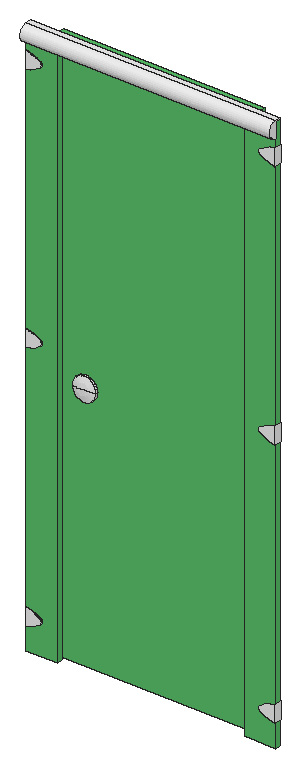
Revit family "NBS_ConceptCubicleSystems_PnlCbclSym_FastTrack", category Specialty Equipment, Revit 2019
Family settings
  Round Connector Dimension = Use Diameter
  Part Type = Normal
  Work Plane-Based = No
  Always vertical = Yes
  Cut with Voids When Loaded = No
  Shared = No
  Room Calculation Point = No
Parameters (values of type "WallToWallSingleCubicle")
  WarrantyStartDate [instance] = "1900-12-31T23:59:59"
  WarrantyGuarantorParts = "n/a"
  WarrantyGuarantorLabor = "n/a"
  WarrantyDurationUnit = "year"
  WarrantyDurationParts = "n/a"
  WarrantyDurationLabor = "n/a"
  WarrantyDescription = "n/a"
  Version = "3"  # constant formula
  Uniclass2015Version = "Systems v1.17"
  Uniclass2015Title = "Panel cubicle systems"
  Uniclass2015Code = "Ss_25_12_60_60"
  TagNumber [instance] = "n/a"
  SystemManufacturer = "Concept Cubicle Systems"
  SustainabilityPerformance = "n/a"
  SupportHeight [instance] = if(PartitionUndercut < 2 mm, 2 mm, PartitionUndercut)  # 150 mm
  Style = "Cubicle"
  Status = "UNSET"
  Size = "1500 x 1950 mm"
  ShowCubicleLocationLines [instance] = yes
  Shape = "n/a"
  SerialNumber [instance] = "n/a"
  RightOpenOut [instance] = and(OpenOut, ReversedDoorSwing)  # no
  RightOpenIn [instance] = and(OpenIn, ReversedDoorSwing)  # yes
  Revision = "n/a"
  ReverseDoorSwing [instance] = no
  ReplacementCost = "n/a"
  Reference = "n/a"
  RailOffsetRight [instance] = if(or(IsWallEndFirstCubicle, IsWallEndEndCubicle, IsWallToWallSingleCubicle, IsFirstCubicle, IsMiddleCubicle), PanelThickness / 2, 0 mm)  # 9 mm
  RailOffsetLeft [instance] = if(or(IsEndCubicle, IsWallEndFirstCubicle, IsWallEndEndCubicle, IsWallEndSingleCubicle, IsWallToWallSingleCubicle, IsMiddleCubicle), PanelThickness / 2, 0 mm)  # 9 mm
  ProductInformation = "https://www.conceptcubiclesystems.co.uk/toilet-cubicles.html"
  PilasterWidthLatchSide [instance] = CubicleWidth - ClearOpeningWidth - PilasterWidthHingeSide  # 100 mm
  PilasterRightWidth [instance] = if(HasDoorCentrePosition, (CubicleWidth - ClearOpeningWidth) / 2, if(ReversedDoorSwing, PilasterWidthHingeSide, PilasterWidthLatchSide))  # 100 mm
  PilasterPanelReturnRight = if(HasPilasterPanelReturnRight, PanelThickness / 2, 0 mm)  # 0 mm
  PilasterPanelReturnLeft = if(HasPilasterPanelReturnLeft, PanelThickness / 2, 0 mm)  # 0 mm
  PilasterMaterial = NBS_ConceptCubicleSystems_V110_VertImperial-Green
  PilasterLeftWidth [instance] = if(HasDoorCentrePosition, (CubicleWidth - ClearOpeningWidth) / 2, if(ReverseDoorSwing, PilasterWidthHingeSide, PilasterWidthLatchSide))  # 100 mm
  PartitionMaterial = NBS_ConceptCubicleSystems_V110_VertImperial-Green
  PartitionUndercut [instance] = 150 mm
  Panels = "18 mm melamine faced chipboard"
  PanelThickness = 18 mm  # constant formula
  PilasterUndercut [instance] = 150 mm
  PanelSupports = "150 mm"
  OpenOut [instance] = not(OpenIn)  # no
  OpenIn [instance] = yes
  NominalWidth [instance] = CubicleWidth  # 800 mm
  NominalLength [instance] = CubicleWidth  # 800 mm
  NominalHeight [instance] = CubicleHeight  # 1950 mm
  NominalDepth [instance] = CubicleDepth  # 1500 mm
  Name = "PanelCubicleSystem_FastTrack_WallToWallSingleCubicle_ConceptCubicleSystems"
  NBSReference = "25-05-60/160"
  NBSDescription = "Panel cubicle system"
  NBSCertification = "www.nationalbimlibrary.com/cert/aduvk2um"
  ModelReference = "Fast Track Cubicles"
  ModelNumber = "n/a"
  Material = "Melamine Faced Chipboard"
  ManufacturerURL = "www.conceptcubiclesystems.co.uk"
  ManufacturerName = "Concept Cubicle Systems"  # constant formula
  Manufacturer = "sales@conceptcubiclesystems.co.uk"
  MainColor = "n/a"
  LeftOpenOut [instance] = and(OpenOut, ReverseDoorSwing)  # no
  LeftOpenIn [instance] = and(OpenIn, ReverseDoorSwing)  # no
  ReversedDoorSwing [instance] = not(ReverseDoorSwing)  # yes
  IsWallEndSingleCubicle = no
  IsWallEndFirstCubicle = no
  IsWallEndEndCubicle = no
  IsSingleCubicle = no
  IsWallToWallSingleCubicle = yes
  PilasterWidthHingeSide [instance] = 100 mm
  IsMiddleCubicle = no
  IsFirstCubicle = no
  IsEndCubicle = no
  IsBuiltIn = yes
  InstallationDate [instance] = "1900-12-31T23:59:59"
  IfcExportType = "USERDEFINED"  # constant formula
  IfcExportAs = "IfcFurnitureType"  # constant formula
  HasPilasterPanelReturnRight = or(IsSingleCubicle, IsEndCubicle, IsWallEndSingleCubicle)  # no
  HasPilasterPanelReturnLeft = or(IsSingleCubicle, IsFirstCubicle)  # no
  HasPartitionRight = not(or(IsWallToWallSingleCubicle, IsWallEndEndCubicle))  # no
  HasPartitionLeft = or(IsSingleCubicle, IsFirstCubicle)  # no
  HasFittingsRight = or(IsWallToWallSingleCubicle, IsWallEndEndCubicle)  # yes
  HasFittingsLeft = or(IsWallToWallSingleCubicle, IsWallEndSingleCubicle, IsWallEndFirstCubicle)  # yes
  HasDoorCentrePosition [instance] = yes
  Grade = "n/a"
  Fittings = "Satin anodised aluminium"
  FittingOffset [instance] = if(PartitionUndercut > PilasterUndercut, PartitionUndercut + 100 mm, PilasterUndercut + 100 mm)  # 250 mm
  FittingMaterial = NBS_ConceptCubicleSystems_SatinAnodisedAluminium
  Finish = "n/a"
  Features = "n/a"
  ExpectedLife = "n/a"
  DurationUnit = "year"
  DoorSwingCalc [instance] = if(OpenOut, (PanelThickness / 2) + ClearOpeningWidth + 76 mm, 0 mm)  # 0 mm
  DoorSwing [instance] = if(OpenIn, (PanelThickness / 2) + ClearOpeningWidth + 76 mm, 0 mm)  # 685 mm
  DoorLeafMaterial = NBS_ConceptCubicleSystems_V110_VertImperial-Green
  DoorLeafHeight [instance] = if(OpenIn, CubicleHeight - DoorLeafUndercut - 5 mm, CubicleHeight - DoorLeafUndercut - 55 mm)  # 1795 mm
  DoorLeafUndercut [instance] = 150 mm
  Description = "Fast track cubicles, ideal for low use dry areas"
  CubicleWidth [instance] = 800 mm
  CubicleHeight [instance] = 1950 mm
  CubicleDepth [instance] = 1500 mm
  Constituents = "n/a"
  Color = "White, light grey, cream, oak, red, yellow, blue or a mixture of two"
  CodePerformance = "n/a"
  ClearOpeningWidth [instance] = 600 mm
  ClearOpeningHeight [instance] = CubicleHeight - 50 mm  # 1900 mm
  Category = "Ss_25_12_60_60:Panel cubicle systems"
  BarCode [instance] = "n/a"
  BIMObjectName = "NBS_ConceptCubicleSystems_PanelCubicleSystem_FastTrack_WallToWallSingleCubicle"
  Author = "NBS"  # constant formula
  AssetType = "Fixed"
  AssetIdentifier [instance] = "n/a"
  AccessibilityPerformance = "n/a"
Types (9, lengths in mm): name | ShowCubicleLocationLines | RailOffsetRight | RailOffsetLeft | PilasterPanelReturnRight | PilasterPanelReturnLeft | Name | IsWallEndSingleCubicle | IsWallEndFirstCubicle | IsWallEndEndCubicle | IsSingleCubicle | IsWallToWallSingleCubicle | IsMiddleCubicle | IsFirstCubicle | IsEndCubicle | HasPilasterPanelReturnRight | HasPilasterPanelReturnLeft | HasPartitionRight | HasPartitionLeft | HasFittingsRight | HasFittingsLeft | BIMObjectName
  (no name) | no | 0 | 0 | 9 | 9 | "PanelCubicleSystem_FastTrack_SingleCubicle_ConceptCubicleSystems" | no | no | no | yes | no | no | no | no | yes | yes | yes | yes | no | no | "NBS_ConceptCubicleSystems_PanelCubicleSystem_FastTrack_SingleCubicle"
  SingleCubicle | no | 0 | 0 | 9 | 9 | "PanelCubicleSystem_FastTrack_SingleCubicle_ConceptCubicleSystems" | no | no | no | yes | no | no | no | no | yes | yes | yes | yes | no | no | "NBS_ConceptCubicleSystems_PanelCubicleSystem_FastTrack_SingleCubicle"
  WallToWallSingleCubicle | yes | 9 | 9 | 0 | 0 | "PanelCubicleSystem_FastTrack_WallToWallSingleCubicle_ConceptCubicleSystems" | no | no | no | no | yes | no | no | no | no | no | no | no | yes | yes | "NBS_ConceptCubicleSystems_PanelCubicleSystem_FastTrack_WallToWallSingleCubicle"
  EndCubicle | yes | 0 | 9 | 9 | 0 | "PanelCubicleSystem_FastTrack_EndCubicle_ConceptCubicleSystems" | no | no | no | no | no | no | no | yes | yes | no | yes | no | no | no | "NBS_ConceptCubicleSystems_PanelCubicleSystem_FastTrack_EndCubicle"
  FirstCubicle | yes | 9 | 0 | 0 | 9 | "PanelCubicleSystem_FastTrack_FirstCubicle_ConceptCubicleSystems" | no | no | no | no | no | no | yes | no | no | yes | yes | yes | no | no | "NBS_ConceptCubicleSystems_PanelCubicleSystem_FastTrack_FirstCubicle"
  WallEndFirstCubicle | yes | 9 | 9 | 0 | 0 | "PanelCubicleSystem_FastTrack_WallEndFirstCubicle_ConceptCubicleSystems" | no | yes | no | no | no | no | no | no | no | no | yes | no | no | yes | "NBS_ConceptCubicleSystems_PanelCubicleSystem_FastTrack_WallEndFirstCubicle"
  WallEndSingleCubicle | yes | 0 | 9 | 9 | 0 | "PanelCubicleSystem_FastTrack_WallEndSingleCubicle_ConceptCubicleSystems" | yes | no | no | no | no | no | no | no | yes | no | yes | no | no | yes | "NBS_ConceptCubicleSystems_PanelCubicleSystem_FastTrack_WallEndSingleCubicle"
  MiddleCubicle | yes | 9 | 9 | 0 | 0 | "PanelCubicleSystem_FastTrack_MiddleCubicle_ConceptCubicleSystems" | no | no | no | no | no | yes | no | no | no | no | yes | no | no | no | "NBS_ConceptCubicleSystems_PanelCubicleSystem_FastTrack_MiddleCubicle"
  WallEndEndCubicle | yes | 9 | 9 | 0 | 0 | "PanelCubicleSystem_FastTrack_WallEndEndCubicle_ConceptCubicleSystems" | no | no | yes | no | no | no | no | no | no | no | no | no | yes | no | "NBS_ConceptCubicleSystems_PanelCubicleSystem_FastTrack_WallEndEndCubicle"
Reference planes
  plane 1 "Back": y = 0
  plane 2: z = 0
  plane 3 "Center (Left/Right)": x = 0
  plane 4 "Front": y = -1518
  plane 5 "PilasterBack": y = -1500
  plane 6 "CubicleLeft": x = -400
  plane 7 "CubicleRight": x = 400
  plane 8 "LeftPartitionExternal": x = -409
  plane 9 "LeftPartitionInternal": x = -391
  plane 10 "RightPartitionExternal": x = 409
  plane 11 "RightPartitionInternal": x = 391
  plane 12 "ClearOpeningLeft": x = -300
  plane 13 "ClearOpeningRight": x = 300
  plane 14 "PilasterLeft": x = -400
  plane 15 "PilasterRight": x = 400
  plane 16 "DoorSwing": y = -824
  plane 17 "DoorSwingCalc": y = -1509
  plane 18 "PilasterCentre": y = -1509
  plane 19 "Top": z = 1950
  plane 20: z = 1850
  plane 21 "PartitionFitting": z = 250
  plane 22: z = 1050
  plane 23 "PartitionElevation": z = 150
  plane 24 "Leg": y = -1423
  plane 25 "Support": z = 175
  plane 26 "Left": x = -400
  plane 27 "Right": x = 400
  plane 28 "PilasterElevation": z = 150
  plane 29 "PilasterFitting": z = 250
  plane 30 "Fitting": z = 250
Forms (mm)
  Extrusion 1, solid, material "NBS_ConceptCubicleSystems_V110_VertImperial-Green" <- "PartitionMaterial", visible <- "HasPartitionLeft", detail levels medium+fine
    sketch origin (0, 0, 0) x (1, 0, 0) y (0, 1, 0)
      loop
        line (-409, 0) -> (-409, -1500) -> (-391, -1500) -> (-391, 0) -> (-409, 0)
    from 150 to 1950
  Extrusion 2, solid, material "NBS_ConceptCubicleSystems_V110_VertImperial-Green" <- "PartitionMaterial", visible <- "HasPartitionRight", detail levels medium+fine
    sketch origin (0, 0, 0) x (1, 0, 0) y (0, 1, 0)
      loop
        line (391, 0) -> (391, -1500) -> (409, -1500) -> (409, 0) -> (391, 0)
    from 150 to 1950
  Extrusion 3, solid, material "NBS_ConceptCubicleSystems_V110_VertImperial-Green" <- "PilasterMaterial", detail levels medium+fine
    sketch origin (0, 0, 0) x (1, 0, 0) y (0, 1, 0)
      loop
        line (-400, -1500) -> (-400, -1518) -> (-300, -1518) -> (-300, -1500) -> (-400, -1500)
    from 150 to 1950
  Extrusion 4, solid, material "NBS_ConceptCubicleSystems_V110_VertImperial-Green" <- "PilasterMaterial", detail levels medium+fine
    sketch origin (0, 0, 0) x (1, 0, 0) y (0, 1, 0)
      loop
        line (300, -1500) -> (300, -1518) -> (400, -1518) -> (400, -1500) -> (300, -1500)
    from 150 to 1950
  Revolve 5, solid, material "NBS_ConceptCubicleSystems_SatinAnodisedAluminium" <- "FittingMaterial", visible <- "HasPartitionLeft", detail levels fine
    sketch origin (0, -1423, 0) x (-1, 0, 0) y (0, 0, 1)
      loop
        line (400, 0) -> (430, 0) -> (430, 87.5) -> (422, 87.5) -> (422, 175)
        arc (422, 175) -> (415.556, 190.556) -> (400, 197) r 22
        line (400, 197) -> (400, 0)
      axis (400, 197) -> (400, 0)
    angle from 0 to 360
  Revolve 6, solid, material "NBS_ConceptCubicleSystems_SatinAnodisedAluminium" <- "FittingMaterial", visible <- "HasPartitionRight", detail levels fine
    sketch origin (0, -1423, 0) x (-1, 0, 0) y (0, 0, 1)
      loop
        line (-400, 0) -> (-370, 0) -> (-370, 87.5) -> (-378, 87.5) -> (-378, 175)
        arc (-378, 175) -> (-384.444, 190.556) -> (-400, 197) r 22
        line (-400, 197) -> (-400, 0)
      axis (-400, 197) -> (-400, 0)
    angle from 0 to 360
  Extrusion 7, solid, material "NBS_ConceptCubicleSystems_SatinAnodisedAluminium" <- "FittingMaterial", visible <- "HasPartitionLeft", detail levels coarse+medium
    sketch origin (0, 0, 0) x (1, 0, 0) y (0, 1, 0)
      loop
        circle (-400, -1423) r 22
    from 0 to 150 <- "SupportHeight"
  Extrusion 8, solid, material "NBS_ConceptCubicleSystems_SatinAnodisedAluminium" <- "FittingMaterial", visible <- "HasPartitionRight", detail levels coarse+medium
    sketch origin (0, 0, 0) x (1, 0, 0) y (0, 1, 0)
      loop
        circle (400, -1423) r 22
    from 0 to 150 <- "SupportHeight"
  Extrusion 9, solid, material "NBS_ConceptCubicleSystems_V110_VertImperial-Green" <- "PartitionMaterial", visible <- "HasPartitionLeft", detail levels coarse
    sketch origin (0, 0, 0) x (1, 0, 0) y (0, 1, 0)
      loop
        line (-409, 0) -> (-409, -1500) -> (-391, -1500) -> (-391, 0) -> (-409, 0)
    from 150 to 1950
  Extrusion 10, solid, material "NBS_ConceptCubicleSystems_V110_VertImperial-Green" <- "PartitionMaterial", visible <- "HasPartitionRight", detail levels coarse
    sketch origin (0, 0, 0) x (1, 0, 0) y (0, 1, 0)
      loop
        line (391, 0) -> (391, -1500) -> (409, -1500) -> (409, 0) -> (391, 0)
    from 150 to 1950
  Extrusion 11, solid, material "NBS_ConceptCubicleSystems_V110_VertImperial-Green" <- "PilasterMaterial", detail levels coarse
    sketch origin (0, 0, 0) x (1, 0, 0) y (0, 1, 0)
      loop
        line (-400, -1500) -> (-400, -1518) -> (-300, -1518) -> (-300, -1500) -> (-400, -1500)
    from 150 to 1950
  Extrusion 12, solid, material "NBS_ConceptCubicleSystems_V110_VertImperial-Green" <- "PilasterMaterial", detail levels coarse
    sketch origin (0, 0, 0) x (1, 0, 0) y (0, 1, 0)
      loop
        line (300, -1500) -> (300, -1518) -> (400, -1518) -> (400, -1500) -> (300, -1500)
    from 150 to 1950
  Sweep 13, solid, material "NBS_ConceptCubicleSystems_SatinAnodisedAluminium" <- "FittingMaterial", detail levels medium+fine
    path origin (0, 0, 1950) x (0, 1, 0) y (-1, 0, 0)
      loop
        line (-1518, 400) -> (-1518, -400)
    profile origin (0, -1518, 1950) x (0, 1, 0) y (0, 0, 1)
      loop
        arc (0, 3) -> (-25, -22) -> (0, -47) r 25
        line (0, -47) -> (0, 0) -> (19, 0) -> (19, 3) -> (0, 3)
Lines and regions (mm)
  symbolic lines, visible <- "HasPartitionLeft", detail levels coarse
    curve 1: line (-400, 0, 0) -> (-400, -1500, 0)
  symbolic lines, detail levels coarse
    curve 2: line (-300, -1500, 0) -> (-400, -1500, 0)
    curve 3: line (300, -1500, 0) -> (400, -1500, 0)
  symbolic lines, visible <- "HasPartitionRight", detail levels coarse
    curve 4: line (400, -1500, 0) -> (400, 0, 0)
  symbolic lines, style "SpecialityEquipmentHiddenLines", visible <- "ShowCubicleLocationLines"
    curve 5: line (400, -1500, 0) -> (400, 0, 0)
    curve 6: line (-400, 0, 0) -> (-400, -1500, 0)
Dimensions and locks
  "PanelThickness": plane 5 "PilasterBack" to plane 4 "Front"
  "CubicleDepth": plane 5 "PilasterBack" to plane 1 "Back"
  equal spacing: plane 6 "CubicleLeft", plane 3 "Center (Left/Right)", plane 7 "CubicleRight"
  "CubicleWidth": plane 6 "CubicleLeft" to plane 7 "CubicleRight"
  equal spacing: plane 8 "LeftPartitionExternal", plane 6 "CubicleLeft", plane 9 "LeftPartitionInternal"
  "PanelThickness": plane 8 "LeftPartitionExternal" to plane 9 "LeftPartitionInternal"
  equal spacing: plane 11 "RightPartitionInternal", plane 7 "CubicleRight", plane 10 "RightPartitionExternal"
  "PanelThickness": plane 11 "RightPartitionInternal" to plane 10 "RightPartitionExternal"
  "DoorSwing": plane 16 "DoorSwing" to plane 17 "DoorSwingCalc"
  equal spacing: plane 5 "PilasterBack", plane 18 "PilasterCentre", plane 4 "Front"
  "DoorSwingCalc": plane 18 "PilasterCentre" to plane 17 "DoorSwingCalc"
  "CubicleHeight": plane 19 "Top" to level
  locked: plane 19 "Top" to plane 20 at 100
  "PartitionUndercut": plane 23 "PartitionElevation" to level
  locked: plane 21 "PartitionFitting" to plane 23 "PartitionElevation" at 100
  equal spacing: plane 19 "Top", plane 22, plane 23 "PartitionElevation"
  locked: plane 24 "Leg" to plane 5 "PilasterBack" at 77
  locked: plane 6 "CubicleLeft" to Revolve 5 sketch curve at 30
  locked: plane 6 "CubicleLeft" to Revolve 5 sketch curve at 22
  locked: Revolve 6 sketch curve to plane 7 "CubicleRight" at 30
  locked: Revolve 6 sketch curve to plane 7 "CubicleRight" at 22
  "PilasterRightWidth": plane 13 "ClearOpeningRight" to plane 7 "CubicleRight"
  "PilasterLeftWidth": plane 6 "CubicleLeft" to plane 12 "ClearOpeningLeft"
  "PilasterPanelReturnLeft": plane 14 "PilasterLeft" to plane 6 "CubicleLeft"
  "PilasterPanelReturnRight": plane 7 "CubicleRight" to plane 15 "PilasterRight"
  "RailOffsetLeft": plane 8 "LeftPartitionExternal" to Sweep 13 sketch curve
  "RailOffsetRight": Sweep 13 sketch curve to plane 10 "RightPartitionExternal"
  locked: plane 25 "Support" to plane 23 "PartitionElevation" at 25
  equal spacing: plane 25 "Support", Revolve 5 sketch curve, level
  equal spacing: plane 25 "Support", Revolve 6 sketch curve, level
  "PilasterUndercut": plane 28 "PilasterElevation" to level
  locked: plane 29 "PilasterFitting" to plane 28 "PilasterElevation" at 100
  "FittingOffset": plane 30 "Fitting" to level
  aligned and locked: level to plane 2
  aligned and locked: Extrusion 1 sketch curve to plane 8 "LeftPartitionExternal"
  aligned and locked: plane 9 "LeftPartitionInternal" to Extrusion 1 sketch curve
  aligned and locked: Extrusion 2 sketch curve to plane 11 "RightPartitionInternal"
  aligned and locked: plane 10 "RightPartitionExternal" to Extrusion 2 sketch curve
  aligned and locked: Extrusion 3 sketch curve to plane 14 "PilasterLeft"
  aligned and locked: Extrusion 3 sketch curve to plane 12 "ClearOpeningLeft"
  aligned and locked: Extrusion 3 sketch curve to plane 4 "Front"
  aligned and locked: Extrusion 3 sketch curve to plane 5 "PilasterBack"
  aligned and locked: plane 13 "ClearOpeningRight" to Extrusion 4 sketch curve
  aligned and locked: plane 15 "PilasterRight" to Extrusion 4 sketch curve
  aligned and locked: Extrusion 4 sketch curve to plane 5 "PilasterBack"
  aligned and locked: Extrusion 4 sketch curve to plane 4 "Front"
  aligned and locked: nested 1 to plane 13 "ClearOpeningRight"
  aligned and locked: nested 2 to plane 12 "ClearOpeningLeft"
  aligned and locked: plane 5 "PilasterBack" to nested 2
  aligned and locked: nested 4 to plane 12 "ClearOpeningLeft"
  aligned and locked: plane 4 "Front" to nested 4
  aligned and locked: nested 3 to plane 13 "ClearOpeningRight"
  aligned and locked: nested 3 to plane 4 "Front"
  aligned and locked: plane 19 "Top" to Extrusion 1
  aligned and locked: plane 19 "Top" to Extrusion 2
  aligned and locked: plane 19 "Top" to Extrusion 3
  aligned and locked: plane 19 "Top" to Extrusion 4
  aligned and locked: plane 1 "Back" to Extrusion 1 sketch curve
  aligned and locked: Extrusion 1 sketch curve to plane 5 "PilasterBack"
  aligned and locked: Extrusion 2 sketch curve to plane 5 "PilasterBack"
  aligned and locked: plane 1 "Back" to Extrusion 2 sketch curve
  aligned and locked: plane 1 "Back" to nested 5
  aligned and locked: plane 1 "Back" to nested 6
  aligned and locked: plane 1 "Back" to nested 7
  aligned and locked: plane 6 "CubicleLeft" to nested 7
  aligned and locked: plane 6 "CubicleLeft" to nested 6
  aligned and locked: plane 6 "CubicleLeft" to nested 5
  aligned and locked: plane 1 "Back" to nested 8
  aligned and locked: plane 1 "Back" to nested 9
  aligned and locked: plane 1 "Back" to nested 10
  aligned and locked: nested 8 to plane 7 "CubicleRight"
  aligned and locked: nested 9 to plane 7 "CubicleRight"
  aligned and locked: nested 10 to plane 7 "CubicleRight"
  aligned and locked: plane 5 "PilasterBack" to nested 11
  aligned and locked: plane 5 "PilasterBack" to nested 12
  aligned and locked: plane 5 "PilasterBack" to nested 13
  aligned and locked: plane 7 "CubicleRight" to nested 11
  aligned and locked: plane 7 "CubicleRight" to nested 12
  aligned and locked: plane 7 "CubicleRight" to nested 13
  aligned and locked: plane 5 "PilasterBack" to nested 17
  aligned and locked: plane 5 "PilasterBack" to nested 18
  aligned and locked: plane 5 "PilasterBack" to nested 19
  aligned and locked: nested 17 to plane 6 "CubicleLeft"
  aligned and locked: nested 18 to plane 6 "CubicleLeft"
  aligned and locked: nested 19 to plane 6 "CubicleLeft"
  aligned and locked: nested 16 to plane 18 "PilasterCentre"
  aligned and locked: nested 15 to plane 18 "PilasterCentre"
  aligned and locked: nested 14 to plane 18 "PilasterCentre"
  aligned and locked: plane 15 "PilasterRight" to nested 16
  aligned and locked: plane 15 "PilasterRight" to nested 15
  aligned and locked: plane 15 "PilasterRight" to nested 14
  aligned and locked: plane 20 to nested 7
  aligned and locked: plane 20 to nested 19
  aligned and locked: plane 20 to nested 16
  aligned and locked: plane 21 "PartitionFitting" to nested 6
  aligned and locked: plane 22 to nested 5
  aligned and locked: plane 22 to nested 17
  aligned and locked: plane 22 to nested 14
  aligned and locked: plane 20 to nested 13
  aligned and locked: plane 22 to nested 12
  aligned and locked: plane 20 to nested 10
  aligned and locked: plane 22 to nested 9
  aligned and locked: plane 21 "PartitionFitting" to nested 8
  aligned and locked: Revolve 5 sketch curve to plane 6 "CubicleLeft"  (x2)
  aligned and locked: plane 7 "CubicleRight" to Revolve 6 sketch curve
  aligned and locked: Revolve 6 sketch curve to plane 7 "CubicleRight"
  aligned and locked: plane 24 "Leg" to Extrusion 7 sketch curve
  aligned and locked: plane 6 "CubicleLeft" to Extrusion 7 sketch curve
  aligned and locked: plane 24 "Leg" to Extrusion 8 sketch curve
  aligned and locked: plane 7 "CubicleRight" to Extrusion 8 sketch curve
  aligned and locked: Extrusion 9 sketch curve to plane 8 "LeftPartitionExternal"
  aligned and locked: plane 9 "LeftPartitionInternal" to Extrusion 9 sketch curve
  aligned and locked: Extrusion 9 sketch curve to plane 1 "Back"
  aligned and locked: Extrusion 9 sketch curve to plane 5 "PilasterBack"
  aligned and locked: Extrusion 10 sketch curve to plane 11 "RightPartitionInternal"
  aligned and locked: plane 10 "RightPartitionExternal" to Extrusion 10 sketch curve
  aligned and locked: Extrusion 10 sketch curve to plane 1 "Back"
  aligned and locked: Extrusion 10 sketch curve to plane 5 "PilasterBack"
  aligned and locked: Extrusion 11 sketch curve to plane 5 "PilasterBack"
  aligned and locked: Extrusion 11 sketch curve to plane 4 "Front"
  aligned and locked: Extrusion 11 sketch curve to plane 14 "PilasterLeft"
  aligned and locked: Extrusion 11 sketch curve to plane 12 "ClearOpeningLeft"
  aligned and locked: plane 13 "ClearOpeningRight" to Extrusion 12 sketch curve
  aligned and locked: plane 15 "PilasterRight" to Extrusion 12 sketch curve
  aligned and locked: Extrusion 12 sketch curve to plane 5 "PilasterBack"
  aligned and locked: Extrusion 12 sketch curve to plane 4 "Front"
  aligned and locked: plane 19 "Top" to Extrusion 9
  aligned and locked: plane 19 "Top" to Extrusion 10
  aligned and locked: plane 19 "Top" to Extrusion 11
  aligned and locked: plane 19 "Top" to Extrusion 12
  aligned and locked: plane 1 "Back" to curve 4
  aligned and locked: curve 3 to plane 5 "PilasterBack"
  aligned and locked: plane 13 "ClearOpeningRight" to curve 3
  aligned and locked: plane 12 "ClearOpeningLeft" to curve 2
  aligned and locked: plane 5 "PilasterBack" to curve 2
  aligned and locked: curve 1 to plane 6 "CubicleLeft"
  aligned and locked: Sweep 13 sketch curve to plane 4 "Front"
  aligned and locked: plane 18 "PilasterCentre" to nested 22
  aligned and locked: plane 18 "PilasterCentre" to nested 21
  aligned and locked: plane 18 "PilasterCentre" to nested 20
  aligned and locked: plane 14 "PilasterLeft" to nested 22
  aligned and locked: plane 14 "PilasterLeft" to nested 20
  aligned and locked: plane 14 "PilasterLeft" to nested 21
  aligned and locked: plane 20 to nested 22
  aligned and locked: plane 22 to nested 21
  aligned and locked: nested 1 to plane 5 "PilasterBack"
  aligned and locked: plane 26 "Left" to plane 6 "CubicleLeft"
  aligned and locked: plane 27 "Right" to plane 7 "CubicleRight"
  aligned and locked: curve 5 to plane 7 "CubicleRight"
  aligned and locked: plane 1 "Back" to curve 5
  aligned and locked: plane 5 "PilasterBack" to curve 5
  aligned and locked: curve 6 to plane 6 "CubicleLeft"
  aligned and locked: plane 1 "Back" to curve 6
  aligned and locked: plane 5 "PilasterBack" to curve 6
  aligned and locked: plane 25 "Support" to Revolve 5 sketch curve
  aligned and locked: plane 25 "Support" to Revolve 6 sketch curve
  aligned and locked: plane 6 "CubicleLeft" to curve 2
  aligned and locked: Extrusion 2 to plane 23 "PartitionElevation"
  aligned and locked: Extrusion 1 to plane 23 "PartitionElevation"
  aligned and locked: Extrusion 9 to plane 23 "PartitionElevation"
  aligned and locked: Extrusion 10 to plane 23 "PartitionElevation"
  aligned and locked: Extrusion 12 to plane 28 "PilasterElevation"
  aligned and locked: Extrusion 4 to plane 28 "PilasterElevation"
  aligned and locked: Extrusion 11 to plane 28 "PilasterElevation"
  aligned and locked: Extrusion 3 to plane 28 "PilasterElevation"
  aligned and locked: plane 29 "PilasterFitting" to nested 20
  aligned and locked: plane 29 "PilasterFitting" to nested 15
  aligned and locked: plane 30 "Fitting" to nested 18
  aligned and locked: plane 30 "Fitting" to nested 11
Automatic sketch dimensions
  Sweep 13 sketch curve to profile plane = 0 mm  (x2)
  Sweep 13 sketch curve to plane 19 "Top" = 0 mm
  Sweep 13 sketch curve to profile plane = 19 mm
  Sweep 13 sketch curve to plane 19 "Top" = 22 mm
  Sweep 13 sketch curve to Sweep 13 sketch curve = 3 mm
  Revolve 5 sketch curve to level = 0 mm
  Revolve 5 sketch curve to level = 304.8 mm
  plane 19 "Top" to Revolve 5 sketch curve = 488.4 mm
  Revolve 6 sketch curve to level = 0 mm
  Revolve 6 sketch curve to level = 304.8 mm
  plane 19 "Top" to Revolve 6 sketch curve = 488.4 mm
  plane 1 "Back" to curve 1 = 0 mm
  radius of Extrusion 7 sketch curve = 22 mm
  radius of Extrusion 8 sketch curve = 22 mm
Nested families
  nested 1: "NBS_ConceptCubicleSystems_PnlCbclSym_FastTrack_DoorLeaf" at (0, -1500, 0), visible <- "RightOpenIn", type "Door"
  nested 2: "NBS_ConceptCubicleSystems_PnlCbclSym_FastTrack_DoorLeaf" at (0, -1500, 0) x (-1, 0, 0) z (0, 0, 1), visible <- "LeftOpenIn", type "Door"
  nested 3: "NBS_ConceptCubicleSystems_PnlCbclSym_FastTrack_DoorLeaf" at (0, -1518, 0), visible <- "RightOpenOut", type "Door"
  nested 4: "NBS_ConceptCubicleSystems_PnlCbclSym_FastTrack_DoorLeaf" at (0, -1518, 0) x (-1, 0, 0) z (0, 0, 1), visible <- "LeftOpenOut", type "Door"
  nested 5: "NBS_ConceptCubicleSystems_PnlCbclSym_Fitting_Type1" at (-400, 0, 1050), visible <- "HasPartitionLeft", type "NBS_ConceptCubicleSystems_PnlCbclSym_Fitting_Type1", detail levels fine
    with PanelThickness 18 mm
  nested 6: "NBS_ConceptCubicleSystems_PnlCbclSym_Fitting_Type1" at (-400, 0, 250), visible <- "HasPartitionLeft", type "NBS_ConceptCubicleSystems_PnlCbclSym_Fitting_Type1", detail levels fine
    with PanelThickness 18 mm
  nested 7: "NBS_ConceptCubicleSystems_PnlCbclSym_Fitting_Type1" at (-400, 0, 1850), visible <- "HasPartitionLeft", type "NBS_ConceptCubicleSystems_PnlCbclSym_Fitting_Type1", detail levels fine
    with PanelThickness 18 mm
  nested 8: "NBS_ConceptCubicleSystems_PnlCbclSym_Fitting_Type1" at (400, 0, 250), visible <- "HasPartitionRight", type "NBS_ConceptCubicleSystems_PnlCbclSym_Fitting_Type1", detail levels fine
    with PanelThickness 18 mm
  nested 9: "NBS_ConceptCubicleSystems_PnlCbclSym_Fitting_Type1" at (400, 0, 1050), visible <- "HasPartitionRight", type "NBS_ConceptCubicleSystems_PnlCbclSym_Fitting_Type1", detail levels fine
    with PanelThickness 18 mm
  nested 10: "NBS_ConceptCubicleSystems_PnlCbclSym_Fitting_Type1" at (400, 0, 1850), visible <- "HasPartitionRight", type "NBS_ConceptCubicleSystems_PnlCbclSym_Fitting_Type1", detail levels fine
    with PanelThickness 18 mm
  nested 11: "NBS_ConceptCubicleSystems_PnlCbclSym_Fitting_Type1" at (400, -1500, 250) x (-1, 0, 0) z (0, 0, 1), visible <- "HasPartitionRight", type "NBS_ConceptCubicleSystems_PnlCbclSym_Fitting_Type1", detail levels fine
    with PanelThickness 18 mm
  nested 12: "NBS_ConceptCubicleSystems_PnlCbclSym_Fitting_Type1" at (400, -1500, 1050) x (-1, 0, 0) z (0, 0, 1), visible <- "HasPartitionRight", type "NBS_ConceptCubicleSystems_PnlCbclSym_Fitting_Type1", detail levels fine
    with PanelThickness 18 mm
  nested 13: "NBS_ConceptCubicleSystems_PnlCbclSym_Fitting_Type1" at (400, -1500, 1850) x (-1, 0, 0) z (0, 0, 1), visible <- "HasPartitionRight", type "NBS_ConceptCubicleSystems_PnlCbclSym_Fitting_Type1", detail levels fine
    with PanelThickness 18 mm
  nested 14: "NBS_ConceptCubicleSystems_PnlCbclSym_Fitting_Type1" at (400, -1509, 1050) x (0, -1, 0) z (0, 0, 1), visible <- "HasFittingsRight", type "NBS_ConceptCubicleSystems_PnlCbclSym_Fitting_Type1", detail levels fine
    with PanelThickness 18 mm
  nested 15: "NBS_ConceptCubicleSystems_PnlCbclSym_Fitting_Type1" at (400, -1509, 250) x (0, -1, 0) z (0, 0, 1), visible <- "HasFittingsRight", type "NBS_ConceptCubicleSystems_PnlCbclSym_Fitting_Type1", detail levels fine
    with PanelThickness 18 mm
  nested 16: "NBS_ConceptCubicleSystems_PnlCbclSym_Fitting_Type1" at (400, -1509, 1850) x (0, -1, 0) z (0, 0, 1), visible <- "HasFittingsRight", type "NBS_ConceptCubicleSystems_PnlCbclSym_Fitting_Type1", detail levels fine
    with PanelThickness 18 mm
  nested 17: "NBS_ConceptCubicleSystems_PnlCbclSym_Fitting_Type1" at (-400, -1500, 1050) x (-1, 0, 0) z (0, 0, 1), visible <- "HasPartitionLeft", type "NBS_ConceptCubicleSystems_PnlCbclSym_Fitting_Type1", detail levels fine
    with PanelThickness 18 mm
  nested 18: "NBS_ConceptCubicleSystems_PnlCbclSym_Fitting_Type1" at (-400, -1500, 250) x (-1, 0, 0) z (0, 0, 1), visible <- "HasPartitionLeft", type "NBS_ConceptCubicleSystems_PnlCbclSym_Fitting_Type1", detail levels fine
    with PanelThickness 18 mm
  nested 19: "NBS_ConceptCubicleSystems_PnlCbclSym_Fitting_Type1" at (-400, -1500, 1850) x (-1, 0, 0) z (0, 0, 1), visible <- "HasPartitionLeft", type "NBS_ConceptCubicleSystems_PnlCbclSym_Fitting_Type1", detail levels fine
    with PanelThickness 18 mm
  nested 20: "NBS_ConceptCubicleSystems_PnlCbclSym_Fitting_Type1" at (-400, -1509, 250) x (0, 1, 0) z (0, 0, 1), visible <- "HasFittingsLeft", type "NBS_ConceptCubicleSystems_PnlCbclSym_Fitting_Type1", detail levels fine
    with PanelThickness 18 mm
  nested 21: "NBS_ConceptCubicleSystems_PnlCbclSym_Fitting_Type1" at (-400, -1509, 1050) x (0, 1, 0) z (0, 0, 1), visible <- "HasFittingsLeft", type "NBS_ConceptCubicleSystems_PnlCbclSym_Fitting_Type1", detail levels fine
    with PanelThickness 18 mm
  nested 22: "NBS_ConceptCubicleSystems_PnlCbclSym_Fitting_Type1" at (-400, -1509, 1850) x (0, 1, 0) z (0, 0, 1), visible <- "HasFittingsLeft", type "NBS_ConceptCubicleSystems_PnlCbclSym_Fitting_Type1", detail levels fine
    with PanelThickness 18 mm
Definition of nested family "NBS_ConceptCubicleSystems_PnlCbclSym_FastTrack_DoorLeaf"
  Parameters (values of type "Door")
    OpenOut = not(OpenIn)  # no
    OpenIn = yes
    OccupancyIndicatorMaterial = none
    DoorLeafWidth = ClearOpeningWidth + 46 mm  # 646 mm
    DoorLeafThickness = 18 mm
    DoorLeafOffset = 12 mm  # constant formula
    DoorLeafMaterial = none
    DoorLeafHeight = 1795 mm
    DoorLeafElevation = 150 mm
    CubicleHeight = 1950 mm
    ClearOpeningWidth = 600 mm
  Reference planes
    plane 1 "Pilaster": y = 0
    plane 2: z = 0
    plane 3 "Center (Left/Right)": x = 0
    plane 4 "Left": x = -318
    plane 5 "Right": x = 328
    plane 6 "DoorFront": y = 12
    plane 7 "DoorBack": y = 30
    plane 8 "PilasterLeft": x = -300
    plane 9 "PilasterRight": x = 300
    plane 10 "HingeLR": x = 337
    plane 11 "HingeFB": y = 21
    plane 12 "DoorFrontOpen": y = 30
    plane 13 "DoorBackOpen": y = 676
    plane 14 "DoorRightOpen": x = 346
    plane 15 "DoorLeftOpen": x = 328
    plane 16 "LockLR": x = -233
    plane 17 "Lock": z = 950
    plane 18 "Top": z = 1945
    plane 19 "DoorBottom": z = 150
    plane 20: z = 1047.5
    plane 21 "CubicleTop": z = 1950
  Forms (mm)
    Extrusion 1, solid, material <- "DoorLeafMaterial", detail levels medium+fine
      sketch origin (0, 0, 150) x (-1, 0, 0) y (0, -1, 0)
        loop
          line (318, -30) -> (318, -12) -> (-328, -12) -> (-328, -30) -> (318, -30)
      from 0 to 1795
    Revolve 2, solid, material <- "OccupancyIndicatorMaterial", visible <- "OpenIn", detail levels medium+fine
      sketch origin (0, 0, 950) x (-1, 0, 0) y (0, -1, 0)
        loop
          line (233, -12) -> (270.5, -12) -> (270.5, -5.5)
          arc (270.5, -5.5) -> (252.03, -0.637) -> (233, 1) r 111.423
          line (233, 1) -> (233, -12)
        axis (233, -12) -> (233, 1)
      angle from 0 to 360
    Revolve 3, solid, material <- "OccupancyIndicatorMaterial", visible <- "OpenOut", detail levels medium+fine
      sketch origin (0, 0, 950) x (-1, 0, 0) y (0, -1, 0)
        loop
          line (233, -30) -> (233, -43)
          arc (233, -43) -> (252.276, -41.363) -> (271, -36.5) r 114.327
          line (271, -36.5) -> (271, -30) -> (233, -30)
        axis (233, -43) -> (233, -30)
      angle from 0 to 360
    Extrusion 4, solid, material <- "DoorLeafMaterial", detail levels coarse
      sketch origin (0, 0, 150) x (-1, 0, 0) y (0, -1, 0)
        loop
          line (318, -12) -> (-328, -12) -> (-328, -30) -> (318, -30) -> (318, -12)
      from 0 to 1800
  Lines and regions (mm)
    Masking region 1, detail levels medium+fine
      outline origin (0, 0, 0) x (1, 0, 0) y (0, 1, 0)
        loop
          line (328, 676) -> (328, 30) -> (346, 30) -> (346, 676) -> (328, 676)
    symbolic lines
      curve 1: arc (-318, 30, 0) -> (-119.791, 490.519, 0) -> (346, 676, 0) r 655.062
      curve 3: line (-318, 0, 150) -> (328, 0, 1047.5)
      curve 4: line (328, 0, 1047.5) -> (-318, 0, 1945)
    symbolic lines, detail levels coarse
      curve 2: line (346, 30, 0) -> (346, 676, 0)
  Dimensions and locks
    "DoorLeafOffset": plane 1 "Pilaster" to plane 6 "DoorFront"
    "DoorLeafThickness": plane 7 "DoorBack" to plane 6 "DoorFront"
    locked: plane 4 "Left" to plane 8 "PilasterLeft" at 18
    locked: plane 9 "PilasterRight" to plane 5 "Right" at 28
    equal spacing: plane 8 "PilasterLeft", plane 3 "Center (Left/Right)", plane 9 "PilasterRight"
    "ClearOpeningWidth": plane 8 "PilasterLeft" to plane 9 "PilasterRight"
    locked: plane 9 "PilasterRight" to plane 10 "HingeLR" at 37
    locked: plane 1 "Pilaster" to plane 11 "HingeFB" at 21
    locked: plane 12 "DoorFrontOpen" to plane 11 "HingeFB" at 9
    "DoorLeafWidth": plane 13 "DoorBackOpen" to plane 12 "DoorFrontOpen"
    locked: plane 15 "DoorLeftOpen" to plane 10 "HingeLR" at 9
    "DoorLeafThickness": plane 15 "DoorLeftOpen" to plane 14 "DoorRightOpen"
    locked: plane 8 "PilasterLeft" to plane 16 "LockLR" at 67
    locked: Revolve 2 sketch curve to plane 16 "LockLR" at 37.5
    locked: plane 6 "DoorFront" to Revolve 2 sketch curve at 13
    locked: plane 6 "DoorFront" to Revolve 2 sketch curve at 6.5
    locked: plane 17 "Lock" to level at 950
    "DoorLeafElevation": plane 19 "DoorBottom" to level
    locked: Revolve 3 sketch curve to plane 7 "DoorBack" at 6.5
    locked: Revolve 3 sketch curve to plane 16 "LockLR" at 38
    locked: Revolve 3 sketch curve to plane 7 "DoorBack" at 13
    equal spacing: plane 18 "Top", plane 20, plane 19 "DoorBottom"
    "DoorLeafHeight": plane 18 "Top" to plane 19 "DoorBottom"
    "CubicleHeight": plane 21 "CubicleTop" to level
    aligned and locked: level to plane 2
    aligned and locked: Extrusion 1 sketch curve to plane 4 "Left"
    aligned and locked: plane 5 "Right" to Extrusion 1 sketch curve
    aligned and locked: Extrusion 1 sketch curve to plane 7 "DoorBack"
    aligned and locked: Extrusion 1 sketch curve to plane 6 "DoorFront"
    aligned and locked: Masking region 1 sketch curve to plane 15 "DoorLeftOpen"
    aligned and locked: Masking region 1 sketch curve to plane 14 "DoorRightOpen"
    aligned and locked: Masking region 1 sketch curve to plane 13 "DoorBackOpen"
    aligned and locked: Masking region 1 sketch curve to plane 12 "DoorFrontOpen"
    aligned and locked: plane 11 "HingeFB" to curve 1
    aligned and locked: plane 10 "HingeLR" to curve 1
    aligned and locked: plane 13 "DoorBackOpen" to curve 2
    aligned and locked: plane 12 "DoorFrontOpen" to curve 2
    aligned and locked: curve 2 to plane 14 "DoorRightOpen"
    aligned and locked: Revolve 2 sketch curve to plane 16 "LockLR"  (x2)
    aligned and locked: plane 6 "DoorFront" to Revolve 2 sketch curve
    aligned and locked: plane 18 "Top" to Extrusion 1
    aligned and locked: Extrusion 1 to plane 19 "DoorBottom"
    aligned and locked: plane 7 "DoorBack" to Revolve 3 sketch curve
    aligned and locked: plane 16 "LockLR" to Revolve 3 sketch curve
    aligned and locked: Revolve 3 sketch curve to plane 16 "LockLR"
    aligned and locked: plane 19 "DoorBottom" to curve 3
    aligned and locked: plane 4 "Left" to curve 3
    aligned and locked: plane 15 "DoorLeftOpen" to curve 4
    aligned and locked: plane 20 to curve 4
    aligned and locked: plane 4 "Left" to curve 4
    aligned and locked: plane 18 "Top" to curve 4
    aligned and locked: Extrusion 4 sketch curve to plane 6 "DoorFront"
    aligned and locked: Extrusion 4 sketch curve to plane 7 "DoorBack"
    aligned and locked: plane 5 "Right" to Extrusion 4 sketch curve
    aligned and locked: Extrusion 4 sketch curve to plane 4 "Left"
    aligned and locked: plane 21 "CubicleTop" to Extrusion 4
  Automatic sketch dimensions
    curve 1 to plane 4 "Left" = 0 mm
    Revolve 2 sketch curve to Revolve 2 sketch curve = 16.101 mm
    Revolve 2 sketch curve to Revolve 2 sketch curve = 61.569 mm
    Revolve 3 sketch curve to Revolve 3 sketch curve = 56.822 mm
    Revolve 3 sketch curve to Revolve 3 sketch curve = 14.258 mm
Definition of nested family "NBS_ConceptCubicleSystems_PnlCbclSym_Fitting_Type1"
  Parameters (values of type "NBS_ConceptCubicleSystems_PnlCbclSym_Fitting_Type1")
    PanelThickness = 12.5 mm
    FittingMaterial = none
  Reference planes
    plane 1 "Center (Front/Back)": y = 0
    plane 2: z = 0
    plane 3 "Center (Left/Right)": x = 0
    plane 4: x = -6.25
    plane 5: x = 6.25
    plane 6: x = -8.75
    plane 7: x = 8.75
  Forms (mm)
    Extrusion 1, solid, material <- "FittingMaterial"
      sketch origin (0, 0, 0) x (0, 1, 0) y (0, 0, 1)
        loop
          arc (-47.371, 7.328) -> (-51.146, 0) -> (-47.371, -7.328) r 9
          arc (-47.371, -7.328) -> (-24.803, -19.826) -> (0, -26.916) r 113.721
          line (0, -26.916) -> (0, 26.916)
          arc (0, 26.916) -> (-24.803, 19.826) -> (-47.371, 7.328) r 113.721
      from -8.75 to 8.75
    Extrusion 2, void
      sketch origin (0, 0, 0) x (1, 0, 0) y (0, 1, 0)
        loop
          line (6.25, -4) -> (-6.25, -4) -> (-6.25, -52.661) -> (6.25, -52.661) -> (6.25, -4)
      from -30 to 30
  Cuts and joins
    Extrusion 2 cuts Extrusion 1
  Dimensions and locks
    equal spacing: plane 4, plane 3 "Center (Left/Right)", plane 5
    "PanelThickness": plane 4 to plane 5
    locked: plane 6 to plane 4 at 2.5
    locked: plane 5 to plane 7 at 2.5
    aligned and locked: level to plane 2
    aligned and locked: plane 1 "Center (Front/Back)" to Extrusion 1 sketch curve
    aligned and locked: plane 4 to cut or joined group of Extrusion 1, Extrusion 2
    aligned and locked: cut or joined group of Extrusion 1, Extrusion 2 to plane 5
    aligned and locked: plane 6 to cut or joined group of Extrusion 1, Extrusion 2
    aligned and locked: cut or joined group of Extrusion 1, Extrusion 2 to plane 7
  Automatic sketch dimensions
    Extrusion 1 sketch curve to level = 0 mm
    plane 1 "Center (Front/Back)" to Extrusion 1 sketch curve = 42.146 mm
    Extrusion 1 sketch curve to plane 1 "Center (Front/Back)" = 18.653 mm  (x2)
    Extrusion 1 sketch curve to level = 26.916 mm
    Extrusion 1 sketch curve to Extrusion 1 sketch curve = 58.348 mm  (x2)
    level to Extrusion 1 sketch curve = 26.916 mm
    Extrusion 1 sketch curve to Extrusion 1 sketch curve = 0 mm
    Extrusion 2 sketch curve to plane 4 = 0 mm
    Extrusion 2 sketch curve to plane 5 = 0 mm
    plane 1 "Center (Front/Back)" to Extrusion 2 sketch curve = 52.661 mm
    plane 1 "Center (Front/Back)" to Extrusion 2 sketch curve = 4 mm
